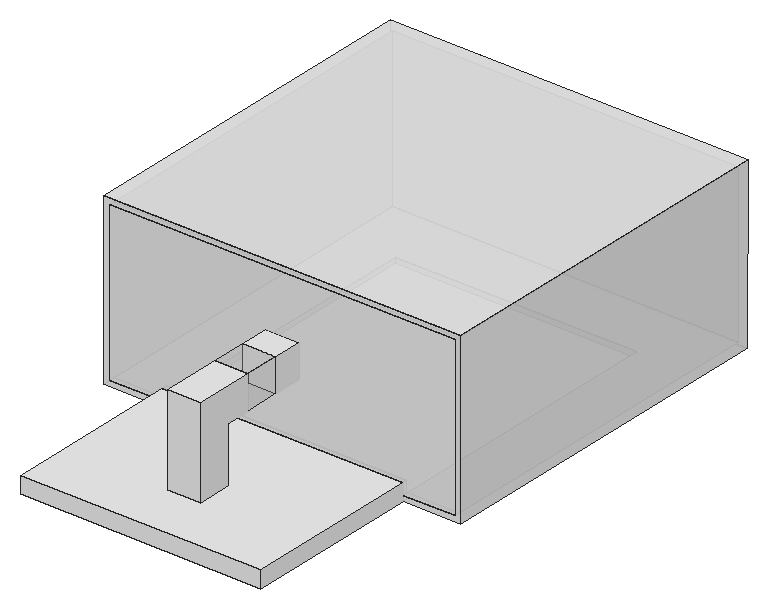
Revit family "3-521-xx - 37-521-xx - Chameleon (Wall Sconce)", category Lighting Fixtures, host Face, Revit 2018
Family settings
  Host = Face
  Round Connector Dimension = Use Diameter
  Part Type = Normal
  Cut with Voids When Loaded = No
  Light Source = Yes
  Shared = No
  Room Calculation Point = No
Parameters (values of type "3-521-14 / 37-521-14 - Chameleon")
  Wattage Comments = "10.4 W at 120 V"  # constant formula
  Wattage = 10.4 W
  built-in parameter 1150110 = 1 (stored number, unit not read)
  Voltage Input [instance] = "120 V or 277 V - 50/60 Hz"  # constant formula
  URL = "www.oxygenlighting.com"
  built-in parameter 1114217 = 1 (stored number, unit not read)
  Tilt Angle = 180.00°  # constant formula
  built-in parameter 1150109 = 1 (stored number, unit not read)
  built-in parameter 1150134 = (empty or 0)
  built-in parameter 1150113 = 1 (stored number, unit not read)
  References [instance] = "Ref. 3 = 120 V / Ref. 37 = 277 V"  # constant formula
  Photometric Web File = "3-521-xx Chameleon.ies"
  Other 2 = none
  Other 1 = Clear Acrylic
  Model = "3-521-XX / 37-521-XX - Chameleon"  # constant formula
  Metal Finish = 14 - Polished Chrome
  Manufacturer = "Oxygen Lighting & Fans"  # constant formula
  Main Diffuser = Matte White Acrylic
  built-in parameter 1150105 = 43.946 (stored number, unit not read)
  Lumens = 552.24 lm
  built-in parameter 1150115 = 1 (stored number, unit not read)
  built-in parameter 1150137 = (empty or 0)
  built-in parameter 1150139 = (empty or 0)
  built-in parameter 1150112 = 1 (stored number, unit not read)
  built-in parameter 1150114 = 1 (stored number, unit not read)
  Lamp = "LED Array"  # constant formula
  built-in parameter 1150132 = (empty or 0)
  built-in parameter 1150102 = (empty or 0)
  built-in parameter 1150107 = 3000 (stored number, unit not read)
  built-in parameter 1150138 = (empty or 0)
  built-in parameter 1150106 = 0.43946 (stored number, unit not read)
  Emit from Rectangle Width = 3.00"  # constant formula
  Emit from Rectangle Length = 3.00"  # constant formula
  Emit Shape Visible in Rendering = no
  built-in parameter 1150104 = 4.9332 (stored number, unit not read)
  Dimming Lamp Color Temperature Shift = <None>
  Default Elevation = 0.00"
  Color Filter = 16777215
  built-in parameter 1114218 = 1 (stored number, unit not read)
  built-in parameter 1150133 = 10 (stored number, unit not read)
  2nd Diffuser = Matte White Acrylic
Types (5): name | Metal Finish
  (no name) | 14 - Polished Chrome
  3-521-40 / 37-521-40 - Chameleon | 40 - Aged Brass
  3-521-14 / 37-521-14 - Chameleon | 14 - Polished Chrome
  3-521-22 / 37-521-22 - Chameleon | 22- Oiled Bronze
  3-521-24 / 37-521-24 - Chameleon | 24 - Satin Nickel
Reference planes (in)
  plane 1 "Center (Front/Back)": y = 0
  plane 2: z = 0
  plane 3 "Center (Left/Right)": x = 0
  plane 4 "M.C.": y = 0
  plane 5 "Light Source Height": y = 1.5
  plane 6 "Light Source Ext.": z = 1.75
Dimensions and locks (in)
  aligned and locked: plane 2 to host face
  aligned and locked: level to host face
  aligned and locked: imposter light to plane 5 "Light Source Height"
  aligned and locked: plane 6 "Light Source Ext." to imposter light
  aligned and locked: plane 3 "Center (Left/Right)" to imposter light
Nested families (in)
  nested 1: "3-521 Chameleon" at (0, 0, 0), type "3-521 Chameleon"
Definition of nested family "3-521 Chameleon"
  Parameters (values of type "3-521 Chameleon")
    Others 2 = none
    Others 1 = none
    Metal Finish = none
    Main Diffuser = none
    2nd Diffuser = none
  Reference planes (in)
    plane 1 "Center (Front/Back)": y = 0
    plane 2: z = 0
    plane 3 "Center (Left/Right)": x = 0
    plane 4: y = 5.25
  Forms (in)
    Extrusion 1, solid, material <- "Main Diffuser"
      sketch origin (-1.43133, 1.23425, -3) x (1, 0, 0) y (0, 0, 1)
        loop
          line (5.42739, 6.77953) -> (-2.56474, 6.77953) -> (-2.56474, 3) -> (5.42739, 3) -> (5.42739, 6.77953)
      from -4.01575 to 4.01575
    Extrusion 2, solid, material <- "Metal Finish"
      sketch origin (0, -83.76575, -3) x (0, 0, -1) y (0, 1, 0)
        loop
          line (-3.375, 87.52756) -> (-3.375, 77.01575) -> (-3, 77.01575) -> (-3, 87.52756) -> (-3.375, 87.52756)
      from -2.69141 to 2.69141
    Sweep 3, solid, material <- "Metal Finish"
      path origin (0, -83.76575, -3) x (0, 0, -1) y (0, 1, 0)
        loop
          line (-5, 80.98425) -> (-5, 78.60992) -> (-3.375, 78.60992)
      profile origin (0, -3.96866, 2) x (0, 0, -1) y (1, 0, 0)
        loop
          line (-0.375, -0.375) -> (0.375, -0.375) -> (0.375, 0.375) -> (-0.375, 0.375) -> (-0.375, -0.375)
    Extrusion 4, void
      sketch origin (-1.43133, -4.21177, -3) x (-1, 0, 0) y (0, 0, 1)
        loop
          line (-1.80633, 4.18703) -> (-1.05633, 4.18703) -> (-1.05633, 5.82873) -> (-1.80633, 5.82873) -> (-1.80633, 4.18703)
      from 0 to 0.78516
    Extrusion 5, solid, material <- "Others 1"
      sketch origin (-1.43133, -4.21177, -3) x (-1, 0, 0) y (0, 0, 1)
        loop
          line (-1.80633, 4.625) -> (-1.05633, 4.625) -> (-1.05633, 5.375) -> (-1.80633, 5.375) -> (-1.80633, 4.625)
      from 0 to 0.78516
    Extrusion 6, void
      sketch origin (-1.43133, -2.58116, -3) x (-1, 0, 0) y (0, 0, 1)
        loop
          line (-5.30239, 3.125) -> (2.43974, 3.125) -> (2.43974, 6.65453) -> (-5.30239, 6.65453) -> (-5.30239, 3.125)
      from -0.84545 to 7.70919
    Extrusion 7, solid, material <- "2nd Diffuser"
      sketch origin (0, -4.86024, 0) x (-1, 0, 0) y (0, 0, 1)
        loop
          line (-3.87106, 0.125) -> (3.87106, 0.125) -> (3.87106, 3.65453) -> (-3.87106, 3.65453) -> (-3.87106, 0.125)
      from 2.07874 to 2.19125
    Extrusion 8, void
      sketch origin (-13.39901, -12.82409, 0) x (1, 0, 0) y (0, 1, 0)
        loop
          line (16.09042, 10.0426) -> (16.09042, 16.5859) -> (10.70761, 16.5859) -> (10.70761, 10.0426) -> (16.09042, 10.0426)
      from 0 to 0.375
    Extrusion 9, solid, material <- "Main Diffuser", not visible
      sketch origin (11.96769, 14.05835, -3) x (1, 0, 0) y (0, 0, 1)
        loop
          line (5.42739, 6.77953) -> (-2.56474, 6.77953) -> (-2.56474, 3) -> (5.42739, 3) -> (5.42739, 6.77953)
      from -4.01575 to 4.01575
    Extrusion 10, solid, material <- "Metal Finish", not visible
      sketch origin (13.39901, -70.94165, -3) x (0, 0, -1) y (0, 1, 0)
        loop
          line (-3.375, 87.52756) -> (-3.375, 77.01575) -> (-3, 77.01575) -> (-3, 87.52756) -> (-3.375, 87.52756)
      from -2.69141 to 2.69141
    Sweep 11, solid, material <- "Metal Finish", not visible
      path origin (13.39901, -70.94165, -3) x (0, 0, -1) y (0, 1, 0)
        loop
          line (-5, 80.98425) -> (-5, 78.60992) -> (-3.375, 78.60992)
      profile origin (13.39901, 8.85543, 2) x (0, 0, -1) y (1, 0, 0)
        loop
          line (-0.375, -0.375) -> (0.375, -0.375) -> (0.375, 0.375) -> (-0.375, 0.375) -> (-0.375, -0.375)
    Extrusion 12, void, not visible
      sketch origin (11.96769, 8.61233, -3) x (-1, 0, 0) y (0, 0, 1)
        loop
          line (-1.80633, 4.18703) -> (-1.05633, 4.18703) -> (-1.05633, 5.82873) -> (-1.80633, 5.82873) -> (-1.80633, 4.18703)
      from 0 to 0.78516
    Extrusion 13, solid, material <- "Others 1", not visible
      sketch origin (11.96769, 8.61233, -3) x (-1, 0, 0) y (0, 0, 1)
        loop
          line (-1.80633, 4.625) -> (-1.05633, 4.625) -> (-1.05633, 5.375) -> (-1.80633, 5.375) -> (-1.80633, 4.625)
      from 0 to 0.78516
    Extrusion 14, void, not visible
      sketch origin (11.96769, 10.24294, -3) x (-1, 0, 0) y (0, 0, 1)
        loop
          line (-5.30239, 3.125) -> (2.43974, 3.125) -> (2.43974, 6.65453) -> (-5.30239, 6.65453) -> (-5.30239, 3.125)
      from -0.84545 to 7.70919
    Extrusion 15, solid, material <- "2nd Diffuser", not visible
      sketch origin (13.39901, 7.96386, 0) x (-1, 0, 0) y (0, 0, 1)
        loop
          line (-3.87106, 0.125) -> (3.87106, 0.125) -> (3.87106, 3.65453) -> (-3.87106, 3.65453) -> (-3.87106, 0.125)
      from 2.07874 to 2.19125
    Extrusion 16, void, not visible
      sketch origin (0, 0, 0) x (1, 0, 0) y (0, 1, 0)
        loop
          line (16.09042, 10.0426) -> (16.09042, 16.5859) -> (10.70761, 16.5859) -> (10.70761, 10.0426) -> (16.09042, 10.0426)
      from 0 to 0.375
  Cuts and joins
    Extrusion 6, Extrusion 8 cuts Extrusion 1
    Extrusion 4, Extrusion 8 cuts Sweep 3
    Extrusion 8 cuts Extrusion 2
    Extrusion 8 cuts Extrusion 7
  Lines and regions (in)
    model lines
      curve 1: line (-4, 0, 0) -> (4, 0, 0)
      curve 2: line (0, -4, 0) -> (0, 4, 0)
    symbolic lines
      curve 3: circle (0, 0, 0) r 2 normal (0, 0, 1)
    model lines, not visible
      curve 4: line (-13.0722, 21.77075, 0) -> (-5.0722, 21.77075, 0)
      curve 5: line (-9.0722, 17.77075, 0) -> (-9.0722, 25.77075, 0)
    symbolic lines, not visible
      curve 6: circle (-9.0722, 21.77075, 0) r 2 normal (0, 0, 1)
  Text (in)
    text "M.C." at (0.88973, 1.62995, 0), in view "Ref. Level"
    text "M.C." at (-8.18247, 23.4007, 0), in view "Ref. Level", not visible
  Dimensions and locks (in)
    Extrusion 1 sketch curve to Extrusion 1 sketch curve = 7.99213"
    Extrusion 1 sketch curve to Extrusion 1 sketch curve = 3.77953"
    Extrusion 9 sketch curve to Extrusion 9 sketch curve = 7.99213"
    Extrusion 9 sketch curve to Extrusion 9 sketch curve = 3.77953"
    aligned and locked: plane 2 to level
